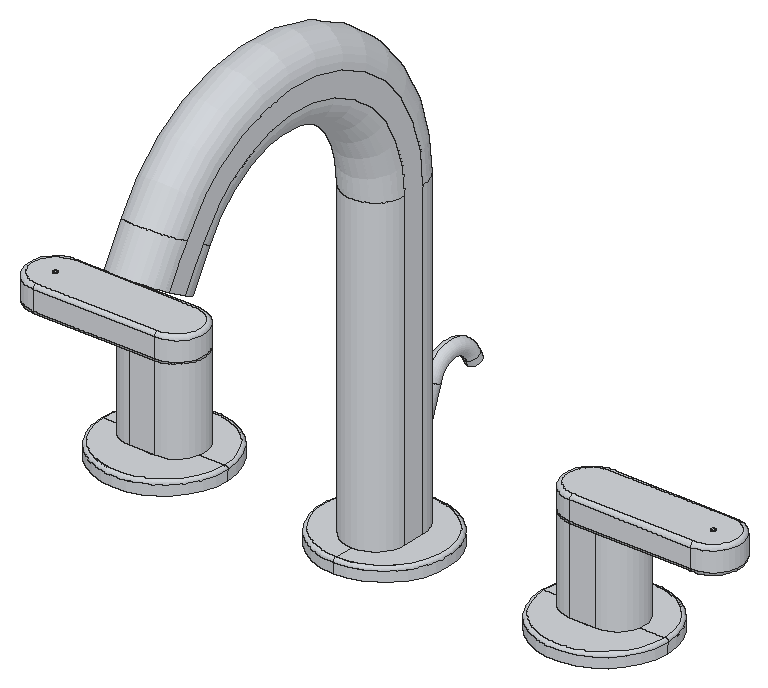
Revit family "Faucet-Lavatory-KOHLER-OBLO-K-4998X_1", category Plumbing Fixtures, host Face, Revit 2017
Family settings
  Host = Face
  Round Connector Dimension = Use Diameter
  Part Type = Normal
  OmniClass Number = 23.31.11.00
  OmniClass Title = Faucets
  Cut with Voids When Loaded = No
  Shared = No
  Room Calculation Point = No
Parameters (values of type "CP-Polished Chrome")
  Width [instance] = Faucet Hole Spacing  # 7 229/256"
  WaterSense Certified = 1 = 0  # no
  Waste Water Outlet = "Waste Water Outlet"  # constant formula
  Waste Connection = 1 = 0  # no
  Vent Connection = 1 = 0  # no
  URL = "https://www.kohler.co.th/"
  Type = 1
  Spout Reach = 5 37/128"  # constant formula
  Product Page URL = "https://www.kohler.co.th/productDetails/4998X-4?skuid=4998X-4-CP"
  Product Name = "OBLO"  # constant formula
  Product Documentation Link = "http://resources.kohler.com/plumbing/kohlerapac/pdf/x4_170326215005.pdf"
  Pressure = 45.00 psi  # constant formula
  Model = "K-4998X-4-CP"  # constant formula
  Material = "Brass Construction"  # constant formula
  Master Format 2014 Name = "Residential Faucets, Supplies, and Trim"  # constant formula
  Master Format 2014 = "22 41 39"  # constant formula
  Manufacturer Address = "16th Floor, Jasmine City Building 2, Soi Sukhumvit 23, Sukhumvit Road, Khlong Toei Nuea, Watthana, Bangkok 10110\r\n"  # constant formula
  Manufacturer = "KOHLER Co."  # constant formula
  Length = Spout Reach  # 5 37/128"
  Hot Water Inlet = "Hot Water Inlet"  # constant formula
  Height = 9 65/256"  # constant formula
  Handle Clearance = 2 113/256"  # constant formula
  HW Connection = 1 = 1  # yes
  Flow Rate = 2.2 GPM  # constant formula
  Finish = Kohler-Metal-CP-Polished_Chrome
  Faucet Hole Spacing [instance] = 7 229/256"
  Environmental Product Declaration = ""
  Drain Included = 1 = 1  # yes
  Description = "Center 8 Inch basin mixer tap"  # constant formula
  Default Elevation = 36"
  Declare Label = ""
  Date Modified = "04/06/2021"  # constant formula
  Date Created = "04/06/2021"  # constant formula
  Copyright = "Copyright KOHLER Co."  # constant formula
  Contact Us = "https://www.kohler.co.th/contact-us"
  Cold Water Inlet = "Cold Water Inlet"  # constant formula
  CW Connection = 1 = 1  # yes
  Assembly Code = "D2010"
  ADA Compliant = 1 = 0  # no
Reference planes (in)
  plane 1 "Center (Front/Back)": y = 0
  plane 2: z = 0
  plane 3 "Center (Left/Right)": x = 0
  plane 4: x = -3.94727
  plane 5: x = 3.94727
  plane 6: x = -2.80553
  plane 7: x = -6.38867
  plane 8: x = -5.089
  plane 9: x = 6.38867
  plane 10: x = 2.80553
  plane 11: x = 5.089
  plane 12: y = 1.14173
  plane 13: y = 2.14961
  plane 14: x = 1.14173
  plane 15: y = -1.14173
  plane 16: y = -5.28906
  plane 17: z = 2.27559
  plane 18: z = 2.59084
  plane 19: z = 9.25391
  plane 20: z = 6.49606
  plane 21: x = -1.14173
Dimensions and locks (in)
  equal spacing: plane 4, plane 3 "Center (Left/Right)", plane 5
  "Height": level to plane 19
  "Spout Reach": plane 1 "Center (Front/Back)" to plane 16
  locked: plane 4 to plane 6 at 1.14173
  "Handle Clearance": plane 4 to plane 7
  locked: plane 4 to plane 8 at 1.14173
  "Handle Clearance": plane 5 to plane 9
  locked: plane 11 to plane 5 at 1.14173
  locked: plane 10 to plane 5 at 1.14173
  "Width": plane 4 to plane 5
  level to plane 20 = 6.49606"
  aligned and locked: plane 2 to host face
  aligned and locked: level to host face
  aligned and locked: plane 4 to nested 2
  aligned and locked: plane 5 to nested 3
Automatic sketch dimensions
  host sketch curve to host sketch curve = 96"  (x2)
Nested families (in)
  nested 1: "K-4998X_Spout" at (0, 0, 0), type "K-4998X_Spout"
  nested 2: "K-4998X_Handle_Left" at (-3.94727, 0, 0), type "K-4998X_Handle"
  nested 3: "K-4998X_Handle_Right" at (3.94727, 0, 0) x (-1, 0, 0) z (0, 0, 1), type "K-4998X_Handle_Right"
Connectors (in)
  piping at (-3.94727, 0, 0), diameter 0.5, driven by "HW Connection", driven by "Hot Water Inlet", driven by "Flow Rate", driven by "Pressure"
    settings: on nested 2, index 1, connector inside diameter 24", connector length 0", flow factor 0, pipe flow 2.2 GPM, pressure drop 45.00 psi, fitting loss kfactor 0, connector angle 0.00°, fixture units 0, engagement length 0", angle of deflection 0.00°, flow configuration 1, flow direction 1, fitting loss method 4, system type 19, joint type 0, gender type 0, connector reference index -1, connector utility 1, adjustable connector no, is connector primary yes, connector description "Hot Water Inlet"
  piping at (3.94727, 0, 0), diameter 0.5, driven by "Flow Rate", driven by "Pressure", driven by "CW Connection", driven by "Cold Water Inlet"
    settings: on nested 3, index 2, connector inside diameter 24", connector length 0", flow factor 0, pipe flow 2.2 GPM, pressure drop 45.00 psi, fitting loss kfactor 0, connector angle 0.00°, fixture units 0, engagement length 0", angle of deflection 0.00°, flow configuration 1, flow direction 1, fitting loss method 4, system type 20, joint type 0, gender type 0, connector reference index -1, connector utility 1, adjustable connector no, is connector primary no, connector description "Cold Water Inlet"
Definition of nested family "K-4998X_Spout"
  Parameters (values of type "K-4998X_Spout")
    material = none
  Reference planes (in)
    plane 1 "Center (Front/Back)": y = 0
    plane 2: z = 0
    plane 3 "Center (Left/Right)": x = 0
    plane 4: y = 1.14173
    plane 5: x = 1.14173
    plane 6: x = -1.14173
    plane 7: y = -1.14173
    plane 8: y = -5.2874
    plane 9: z = 9.25197
    plane 10: z = 6.49606
    plane 11: z = 2.59084
    plane 12: y = 2.14961
    plane 13: y = -5.92736
  Forms (in)
    Revolve 1, solid, material <- "material", detail levels medium+fine
      sketch origin (0, 0, 0) x (0, 1, 0) y (0, 0, 1)
        loop
          line (0, 0) -> (0, 0.23622) -> (-1.08268, 0.23622)
          arc (-1.08268, 0.23622) -> (-1.12444, 0.21892) -> (-1.14173, 0.17717) r 0.05906
          line (-1.14173, 0.17717) -> (-1.14173, 0) -> (0, 0)
        axis (0, 0.23622) -> (0, 0)
      angle from 0 to 360
    Sweep 2, solid, material <- "material", detail levels medium+fine
      path origin (0, 0, 0) x (0, 1, 0) y (0, 0, 1)
        loop
          line (0, 0.23622) -> (0, 5.83911)
          arc (0, 5.83911) -> (-1.94925, 8.37942) -> (-4.9075, 7.15407) r 2.62992
          line (-4.9075, 7.15407) -> (-5.2874, 6.49606)
      profile origin (0, 0, 3.03767) x (0, -1, 0) y (1, 0, 0)
        loop
          arc (-0.20723, 0.5315) -> (-0.73872, 0) -> (-0.20723, -0.5315) r 0.5315
          line (-0.20723, -0.5315) -> (0.20723, -0.5315)
          arc (0.20723, -0.5315) -> (0.73872, 0) -> (0.20723, 0.5315) r 0.5315
          line (0.20723, 0.5315) -> (-0.20723, 0.5315)
    Sweep 3, solid, material <- "material", detail levels medium+fine
      path origin (0, 0, 0) x (0, 1, 0) y (0, 0, 1)
        loop
          line (1.99427, 2.08136) -> (1.93792, 2.19194)
          arc (1.93792, 2.19194) -> (1.47212, 2.45817) -> (1.04224, 2.13716) r 0.48926
          line (1.04224, 2.13716) -> (0.55943, 0.81067)
      profile origin (0, 1.47212, 2.45817) x (0, 0.061049, -0.998135) y (1, 0, 0)
        loop
          circle (0, 0) r 0.1378
    Revolve 4, solid, material <- "material", detail levels coarse
      sketch origin (0, 0, 0) x (0, 1, 0) y (0, 0, 1)
        loop
          line (0, 0.23622) -> (-1.14173, 0.23622) -> (-1.14173, 0) -> (0, 0) -> (0, 0.23622)
        axis (0, 0.23622) -> (0, 0)
      angle from 0 to 360
    Sweep 5, solid, material <- "material", detail levels coarse
      path origin (0, 0, 0) x (0, 1, 0) y (0, 0, 1)
        loop
          line (0, 0.23622) -> (0, 5.87193)
          arc (0, 5.87193) -> (-1.94273, 8.40375) -> (-4.89109, 7.1825) r 2.62113
          line (-4.89109, 7.1825) -> (-5.2874, 6.49606)
      profile origin (0, 0, 3.05408) x (0, -1, 0) y (1, 0, 0)
        loop
          arc (-0.73872, -0.14719) -> (-0.62341, -0.42558) -> (-0.34502, -0.5409) r 0.3937
          line (-0.34502, -0.5409) -> (0.35495, -0.5409)
          arc (0.35495, -0.5409) -> (0.63334, -0.42558) -> (0.74865, -0.14719) r 0.3937
          line (0.74865, -0.14719) -> (0.74865, 0.14719)
          arc (0.74865, 0.14719) -> (0.63334, 0.42558) -> (0.35495, 0.5409) r 0.3937
          line (0.35495, 0.5409) -> (-0.34502, 0.5409)
          arc (-0.34502, 0.5409) -> (-0.62341, 0.42558) -> (-0.73872, 0.14719) r 0.3937
          line (-0.73872, 0.14719) -> (-0.73872, -0.14719)
    Sweep 6, solid, material <- "material", detail levels coarse
      path origin (0, 0, 0) x (0, 1, 0) y (0, 0, 1)
        loop
          line (0.634, 0.61075) -> (1.17261, 2.09058)
          arc (1.17261, 2.09058) -> (1.48088, 2.32078) -> (1.8149, 2.12987) r 0.35084
          line (1.8149, 2.12987) -> (1.87149, 2.0188)
      profile origin (0, 1.48088, 2.32078) x (0, -0.061049, 0.998135) y (1, 0, 0)
        loop
          circle (0.15562, 0) r 0.15748
  Cuts and joins
    joined: Revolve 1, Sweep 2, Sweep 3
    joined: Revolve 4, Sweep 5
  Lines and regions (in)
    Masking region 1
      outline origin (0, 0, 0) x (0, 1, 0) y (0, 0, 1)
        loop
          line (0, 0) -> (1.14173, 0) -> (1.14173, 0.17717)
          arc (1.14173, 0.17717) -> (1.12444, 0.21892) -> (1.08268, 0.23622) r 0.05906
          line (1.08268, 0.23622) -> (0.73872, 0.23622) -> (0.73872, 0.89849) -> (1.17261, 2.09058)
          arc (1.17261, 2.09058) -> (1.48088, 2.32078) -> (1.8149, 2.12987) r 0.35084
          line (1.8149, 2.12987) -> (1.87149, 2.0188) -> (2.11704, 2.14392) -> (2.06582, 2.24445)
          arc (2.06582, 2.24445) -> (1.46416, 2.58832) -> (0.90889, 2.17369) r 0.63196
          line (0.90889, 2.17369) -> (0.73872, 1.70615) -> (0.73872, 5.92192)
          arc (0.73872, 5.92192) -> (-1.74161, 9.15435) -> (-5.50585, 7.59515) r 3.34646
          line (-5.50585, 7.59515) -> (-5.92716, 6.86543) -> (-4.64765, 6.1267) -> (-4.26591, 6.78789)
          arc (-4.26591, 6.78789) -> (-2.13971, 7.66859) -> (-0.73872, 5.84279) r 1.89021
          line (-0.73872, 5.84279) -> (-0.73872, 0.23622) -> (-1.08268, 0.23622)
          arc (-1.08268, 0.23622) -> (-1.12444, 0.21892) -> (-1.14173, 0.17717) r 0.05906
          line (-1.14173, 0.17717) -> (-1.14173, 0) -> (0, 0)
    Masking region 2
      outline origin (0, 0, 0) x (1, 0, 0) y (0, 0, 1)
        loop
          line (0, 0) -> (1.14173, 0) -> (1.14173, 0.17548)
          arc (1.14173, 0.17548) -> (1.12394, 0.21843) -> (1.08099, 0.23622) r 0.06074
          line (1.08099, 0.23622) -> (0.5315, 0.23622) -> (0.5315, 8.71924)
          arc (0.5315, 8.71924) -> (0, 9.25074) -> (-0.5315, 8.71924) r 0.5315
          line (-0.5315, 8.71924) -> (-0.5315, 0.23622) -> (-1.08099, 0.23622)
          arc (-1.08099, 0.23622) -> (-1.12394, 0.21843) -> (-1.14173, 0.17548) r 0.06074
          line (-1.14173, 0.17548) -> (-1.14173, 0) -> (0, 0)
    Masking region 3
      outline origin (0, 0, 0) x (1, 0, 0) y (0, 1, 0)
        loop
          line (0.5315, -5.46687) -> (0.5315, -1.01048)
          arc (0.5315, -1.01048) -> (1.12298, 0.20608) -> (0.13807, 1.13335) r 1.14173
          line (0.13807, 1.13335) -> (0.13807, 2.01165)
          arc (0.13807, 2.01165) -> (0, 2.14973) -> (-0.13807, 2.01165) r 0.13807
          line (-0.13807, 2.01165) -> (-0.13807, 1.13335)
          arc (-0.13807, 1.13335) -> (-1.12298, 0.20608) -> (-0.5315, -1.01048) r 1.14173
          line (-0.5315, -1.01048) -> (-0.5315, -5.46687)
          arc (-0.5315, -5.46687) -> (-0.52028, -5.56114) -> (-0.48727, -5.65016) r 0.40192
          arc (-0.48727, -5.65016) -> (-0.38681, -5.78354) -> (-0.24727, -5.87524) r 0.48791
          arc (-0.24727, -5.87524) -> (-0.12627, -5.9138) -> (0, -5.92734) r 0.63053
          arc (0, -5.92734) -> (0.12627, -5.9138) -> (0.24727, -5.87524) r 0.63053
          arc (0.24727, -5.87524) -> (0.38681, -5.78354) -> (0.48727, -5.65016) r 0.48791
          arc (0.48727, -5.65016) -> (0.52028, -5.56114) -> (0.5315, -5.46687) r 0.40192
    symbolic lines, detail levels medium+fine
      curve 1: line (0, -0.73872, 0.23622) -> (0, 0.73872, 0.23622)
      curve 2: arc (0, 0.73872, 1.70615) -> (0, 0.71211, 1.30232) -> (0, 0.73872, 0.89849) r 3.07675
      curve 3: line (0.5315, 0, 0.23622) -> (-0.5315, 0, 0.23622)
      curve 4: spline (0.5315, 0, 6.59968) -> (0.51339, 0, 6.66846) -> (0.46029, 0, 6.73255) -> (0.37582, 0, 6.78759) -> (0.26575, 0, 6.82982) -> (0.13756, 0, 6.85637) -> (0, 0, 6.86543) -> (-0.13756, 0, 6.85637) -> (-0.26575, 0, 6.82982) -> (-0.37582, 0, 6.78759) -> (-0.46029, 0, 6.73255) -> (-0.51339, 0, 6.66846) -> (-0.5315, 0, 6.59968)
      curve 5: spline (-0.5315, 0, 6.39245) -> (-0.51339, 0, 6.32367) -> (-0.46029, 0, 6.25957) -> (-0.37582, 0, 6.20454) -> (-0.26575, 0, 6.1623) -> (-0.13756, 0, 6.13576) -> (0, 0, 6.1267) -> (0.13756, 0, 6.13576) -> (0.26575, 0, 6.1623) -> (0.37582, 0, 6.20454) -> (0.46029, 0, 6.25957) -> (0.51339, 0, 6.32367) -> (0.5315, 0, 6.39245)
      curve 6: spline (-0.43975, 0, 6.40379) -> (-0.42476, 0, 6.34223) -> (-0.38083, 0, 6.28487) -> (-0.31095, 0, 6.23561) -> (-0.21987, 0, 6.19781) -> (-0.11381, 0, 6.17405) -> (0, 0, 6.16595) -> (0.11381, 0, 6.17405) -> (0.21987, 0, 6.19781) -> (0.31095, 0, 6.23561) -> (0.38083, 0, 6.28487) -> (0.42476, 0, 6.34223) -> (0.43975, 0, 6.40379) -> (0.42476, 0, 6.46535) -> (0.38083, 0, 6.52271) -> (0.31095, 0, 6.57197) -> (0.21987, 0, 6.60976) -> (0.11381, 0, 6.63353) -> (0, 0, 6.64163) -> (-0.11381, 0, 6.63353) -> (-0.21987, 0, 6.60976) -> (-0.31095, 0, 6.57197) -> (-0.38083, 0, 6.52271) -> (-0.42476, 0, 6.46535) -> (-0.43975, 0, 6.40379)
      curve 7: arc (-0.5315, 0.20723, 0) -> (0, 0.73872, 0) -> (0.5315, 0.20723, 0) r 0.5315
      curve 8: line (-0.5315, -1.01048, 0) -> (-0.5315, 0.20723, 0)
      curve 9: line (0.5315, -1.01048, 0) -> (0.5315, 0.20723, 0)
      curve 10: line (0.13807, 1.13335, 0) -> (0.13807, 0.72048, 0)
      curve 11: line (-0.13807, 1.13335, 0) -> (-0.13807, 0.72048, 0)
  Dimensions and locks (in)
    aligned and locked: plane 2 to level
Definition of nested family "K-4998X_Handle_Left"
  Parameters (values of type "K-4998X_Handle_Left")
    material = none
  Reference planes (in)
    plane 1 "Center (Front/Back)": y = 0
    plane 2: z = 0
    plane 3 "Center (Left/Right)": x = 0
    plane 4: x = -2.44094
    plane 5: z = 1.80315
    plane 6: y = 1.14173
    plane 7: x = 1.14173
    plane 8: x = -1.14173
    plane 9: y = -1.14173
    plane 10: z = 2.27559
    plane 11: y = 0.48839
    plane 12: y = -0.48839
  Forms (in)
    Sweep 1, solid, material <- "material", detail levels medium+fine
      path origin (0, 0, 0) x (1, 0, 0) y (0, 1, 0)
        loop
          line (0.22279, 0.48839) -> (-1.9454, 0.48839)
          arc (-1.9454, 0.48839) -> (-2.4338, 0) -> (-1.9454, -0.48839) r 0.48839
          line (-1.9454, -0.48839) -> (0.22279, -0.48839)
          arc (0.22279, -0.48839) -> (0.71119, 0) -> (0.22279, 0.48839) r 0.48839
      profile origin (-2.4338, 0, 0) x (1, 0, 0) y (0, 0, 1)
        loop
          arc (0.0614, 2.27559) -> (0.01293, 2.25551) -> (-0.00715, 2.20704) r 0.06855
          line (-0.00715, 2.20704) -> (-0.00715, 1.85827)
          arc (-0.00715, 1.85827) -> (0.009, 1.81929) -> (0.04797, 1.80315) r 0.05512
          line (0.04797, 1.80315) -> (0.17452, 1.80315) -> (0.17452, 2.27559) -> (0.0614, 2.27559)
    Revolve 2, solid, material <- "material", detail levels medium+fine
      sketch origin (0, 0, 0) x (1, 0, 0) y (0, 0, 1)
        loop
          line (0.3937, 0.23622) -> (0.3937, 0.30889) -> (0, 0.30889) -> (0, 0) -> (1.14173, 0) -> (1.14173, 0.17854)
          arc (1.14173, 0.17854) -> (1.12484, 0.21933) -> (1.08406, 0.23622) r 0.05768
          line (1.08406, 0.23622) -> (0.3937, 0.23622)
        axis (0, 0.30889) -> (0, 0)
      angle from 0 to 360
    Extrusion 3, solid, material <- "material", detail levels medium+fine
      sketch origin (0, 0, 0) x (1, 0, 0) y (0, 1, 0)
        loop
          arc (-1.9454, 0.31387) -> (-2.25927, 0) -> (-1.9454, -0.31387) r 0.31387
          line (-1.9454, -0.31387) -> (0.22279, -0.31387)
          arc (0.22279, -0.31387) -> (0.53666, 0) -> (0.22279, 0.31387) r 0.31387
          line (0.22279, 0.31387) -> (-1.9454, 0.31387)
      from 1.80495 to 2.27559
    Extrusion 4, solid, material <- "material", detail levels medium+fine
      sketch origin (0, 0, 0) x (1, 0, 0) y (0, 1, 0)
        loop
          line (0.23012, 0.48839) -> (-0.23012, 0.48839)
          arc (-0.23012, 0.48839) -> (-0.71851, 0) -> (-0.23012, -0.48839) r 0.48839
          line (-0.23012, -0.48839) -> (0.23012, -0.48839)
          arc (0.23012, -0.48839) -> (0.71851, 0) -> (0.23012, 0.48839) r 0.48839
      from 0.30889 to 1.85827
    Revolve 5, void
      sketch origin (-0.02461, 0, -0.03691) x (1, 0, 0) y (0, 0, 1)
        loop
          line (-0.78467, 1.6106) -> (-0.74429, 1.52399) -> (-0.50276, 1.63662) -> (-0.54315, 1.72323) -> (-0.78467, 1.6106)
        axis (-0.78467, 1.6106) -> (-0.54315, 1.72323)
      angle from 0 to 360
    Extrusion 6, solid, material <- "material", detail levels coarse
      sketch origin (0, 0, 0) x (1, 0, 0) y (0, 1, 0)
        loop
          circle (0, 0) r 1.14173
      from 0 to 0.30889
    Extrusion 7, solid, material <- "material", detail levels coarse
      sketch origin (0, 0, 0) x (1, 0, 0) y (0, 1, 0)
        loop
          line (-0.71841, 0.48839) -> (-0.71841, -0.48839) -> (0.71345, -0.48839) -> (0.71345, 0.48839) -> (-0.71841, 0.48839)
      from 0.30889 to 2.30949
    Extrusion 8, solid, material <- "material", detail levels coarse
      sketch origin (0, 0, 0) x (1, 0, 0) y (0, 1, 0)
        loop
          line (0.71345, 0.48839) -> (-2.44094, 0.48839) -> (-2.44094, -0.48839) -> (0.71345, -0.48839) -> (0.71345, 0.48839)
      from 1.77903 to 2.30949
    Extrusion 9, solid, material <- "material", detail levels medium+fine
      sketch origin (0, 0, 0) x (1, 0, 0) y (0, 1, 0)
        loop
          circle (0, 0) r 0.09843
      from 0 to 0.06974
    Extrusion 10, void
      sketch origin (0, 0, 0) x (1, 0, 0) y (0, 1, 0)
        loop
          circle (-1.95026, 0) r 0.03937
      from 2.23868 to 2.29743
    Extrusion 11, solid, detail levels medium+fine
      sketch origin (0, 0, 0) x (1, 0, 0) y (0, 1, 0)
        loop
          circle (-1.95026, 0) r 0.03937
      from 2.23868 to 2.27559
  Cuts and joins
    Revolve 5 cuts Extrusion 4
    joined: Revolve 2, Extrusion 4
    joined: Extrusion 6, Extrusion 7, Extrusion 8
    Extrusion 10 cuts Sweep 1
    Extrusion 10 cuts Extrusion 3
    joined: Sweep 1, Extrusion 3
  Lines and regions (in)
    Masking region 1
      outline origin (0, 0, 0) x (1, 0, 0) y (0, 0, 1)
        loop
          line (0, 0) -> (1.14173, 0) -> (1.14173, 0.17717)
          arc (1.14173, 0.17717) -> (1.12444, 0.21892) -> (1.08268, 0.23622) r 0.05906
          line (1.08268, 0.23622) -> (0.3937, 0.23622) -> (0.3937, 0.30889) -> (0.69883, 0.30889)
          arc (0.69883, 0.30889) -> (0.71275, 0.31465) -> (0.71851, 0.32857) r 0.01969
          line (0.71851, 0.32857) -> (0.71851, 2.22047)
          arc (0.71851, 2.22047) -> (0.70237, 2.25945) -> (0.6634, 2.27559) r 0.05512
          line (0.6634, 2.27559) -> (-2.38583, 2.27559)
          arc (-2.38583, 2.27559) -> (-2.4248, 2.25945) -> (-2.44094, 2.22047) r 0.05512
          line (-2.44094, 2.22047) -> (-2.44094, 1.85827)
          arc (-2.44094, 1.85827) -> (-2.4248, 1.81929) -> (-2.38583, 1.80315) r 0.05512
          line (-2.38583, 1.80315) -> (-0.91536, 1.80315)
          arc (-0.91536, 1.80315) -> (-0.77617, 1.74549) -> (-0.71851, 1.6063) r 0.19685
          line (-0.71851, 1.6063) -> (-0.71851, 0.32857)
          arc (-0.71851, 0.32857) -> (-0.71275, 0.31465) -> (-0.69883, 0.30889) r 0.01969
          line (-0.69883, 0.30889) -> (-0.3937, 0.30889) -> (-0.3937, 0.23622) -> (-1.08268, 0.23622)
          arc (-1.08268, 0.23622) -> (-1.12444, 0.21892) -> (-1.14173, 0.17717) r 0.05906
          line (-1.14173, 0.17717) -> (-1.14173, 0) -> (0, 0)
    Masking region 2
      outline origin (0, 0, 0) x (0, 1, 0) y (0, 0, 1)
        loop
          line (0, 0) -> (1.14173, 0) -> (1.14173, 0.17717)
          arc (1.14173, 0.17717) -> (1.12444, 0.21892) -> (1.08268, 0.23622) r 0.05906
          line (1.08268, 0.23622) -> (0.3937, 0.23622) -> (0.3937, 0.30889) -> (0.46871, 0.30889)
          arc (0.46871, 0.30889) -> (0.48263, 0.31465) -> (0.48839, 0.32857) r 0.01969
          line (0.48839, 0.32857) -> (0.48839, 2.21654)
          arc (0.48839, 2.21654) -> (0.4711, 2.25829) -> (0.42934, 2.27559) r 0.05906
          line (0.42934, 2.27559) -> (0, 2.27559) -> (-0.42934, 2.27559)
          arc (-0.42934, 2.27559) -> (-0.4711, 2.25829) -> (-0.48839, 2.21654) r 0.05906
          line (-0.48839, 2.21654) -> (-0.48839, 0.32857)
          arc (-0.48839, 0.32857) -> (-0.48263, 0.31465) -> (-0.46871, 0.30889) r 0.01969
          line (-0.46871, 0.30889) -> (-0.3937, 0.30889) -> (-0.3937, 0.23622) -> (-1.08268, 0.23622)
          arc (-1.08268, 0.23622) -> (-1.12444, 0.21892) -> (-1.14173, 0.17717) r 0.05906
          line (-1.14173, 0.17717) -> (-1.14173, 0) -> (0, 0)
    Masking region 3
      outline origin (0, 0, 0) x (1, 0, 0) y (0, 1, 0)
        loop
          line (-1.032, 0.48839) -> (-1.95026, 0.48839)
          arc (-1.95026, 0.48839) -> (-2.43865, 0) -> (-1.95026, -0.48839) r 0.48839
          line (-1.95026, -0.48839) -> (-1.032, -0.48839)
          arc (-1.032, -0.48839) -> (0.25028, -1.11396) -> (1.14173, 0) r 1.14173
          arc (1.14173, 0) -> (0.25028, 1.11396) -> (-1.032, 0.48839) r 1.14173
    symbolic lines, detail levels medium+fine
      curve 1: line (0.3937, 0, 0.23622) -> (-0.3937, 0, 0.23622)
      curve 2: line (0.3937, 0, 0.30889) -> (-0.3937, 0, 0.30889)
      curve 3: line (0, 0, 1.80315) -> (0, -0.43751, 1.80315)
      curve 4: arc (0, -0.43751, 1.80315) -> (0, -0.47502, 1.81957) -> (0, -0.48839, 1.85827) r 0.05104
      curve 5: line (0, 0, 1.80315) -> (0, 0.43751, 1.80315)
      curve 6: arc (0, 0.43751, 1.80315) -> (0, 0.47502, 1.81957) -> (0, 0.48839, 1.85827) r 0.05104
      curve 7: line (0, 0, 1.72146) -> (0, 0, 1.51058)
      curve 8: line (0, 0, 1.51058) -> (0, 0, 1.72146)
      curve 9: spline (0, -0.08747, 1.65145) -> (0, -0.08337, 1.64398) -> (0, -0.07849, 1.63691) -> (0, -0.07288, 1.63029) -> (0, -0.06659, 1.6242) -> (0, -0.05969, 1.61868) -> (0, -0.05223, 1.61379) -> (0, -0.04429, 1.60957) -> (0, -0.03593, 1.60607) -> (0, -0.02724, 1.6033) -> (0, -0.0183, 1.60131) -> (0, -0.0092, 1.60011) -> (0, 0, 1.59971)
      curve 10: spline (0, 0.08747, 1.65145) -> (0, 0.08337, 1.64398) -> (0, 0.07849, 1.63691) -> (0, 0.07288, 1.63029) -> (0, 0.06659, 1.6242) -> (0, 0.05969, 1.61868) -> (0, 0.05223, 1.61379) -> (0, 0.04429, 1.60957) -> (0, 0.03593, 1.60607) -> (0, 0.02724, 1.6033) -> (0, 0.0183, 1.60131) -> (0, 0.0092, 1.60011) -> (0, 0, 1.59971)
      curve 11: line (0, -0.3937, 0.30889) -> (0, 0.3937, 0.30889)
      curve 12: line (0, -0.3937, 0.23622) -> (0, 0.3937, 0.23622)
      curve 13: line (-1.032, 0.48839, 0) -> (0.22816, 0.48839, 0)
      curve 14: line (-1.032, -0.48839, 0) -> (0.22816, -0.48839, 0)
      curve 15: arc (0.22816, -0.48839, 0) -> (0.71656, 0, 0) -> (0.22816, 0.48839, 0) r 0.48839
  Dimensions and locks (in)
    aligned and locked: plane 2 to level
Definition of nested family "K-4998X_Handle_Right"
  Parameters (values of type "K-4998X_Handle_Right")
    material = none
    Default Elevation = 48"
  Reference planes (in)
    plane 1 "Center (Front/Back)": y = 0
    plane 2: z = 0
    plane 3 "Center (Left/Right)": x = 0
    plane 4: x = -2.44094
    plane 5: z = 1.80315
    plane 6: y = 1.14173
    plane 7: x = 1.14173
    plane 8: x = -1.14173
    plane 9: y = -1.14173
    plane 10: z = 2.27559
    plane 11: y = 0.48839
    plane 12: y = -0.48839
  Forms (in)
    Sweep 1, solid, material <- "material", detail levels medium+fine
      path origin (0, 0, 0) x (1, 0, 0) y (0, 1, 0)
        loop
          line (0.22279, 0.48839) -> (-1.9454, 0.48839)
          arc (-1.9454, 0.48839) -> (-2.4338, 0) -> (-1.9454, -0.48839) r 0.48839
          line (-1.9454, -0.48839) -> (0.22279, -0.48839)
          arc (0.22279, -0.48839) -> (0.71119, 0) -> (0.22279, 0.48839) r 0.48839
      profile origin (-2.4338, 0, 0) x (1, 0, 0) y (0, 0, 1)
        loop
          arc (0.0614, 2.27559) -> (0.01293, 2.25551) -> (-0.00715, 2.20704) r 0.06855
          line (-0.00715, 2.20704) -> (-0.00715, 1.85827)
          arc (-0.00715, 1.85827) -> (0.009, 1.81929) -> (0.04797, 1.80315) r 0.05512
          line (0.04797, 1.80315) -> (0.17452, 1.80315) -> (0.17452, 2.27559) -> (0.0614, 2.27559)
    Revolve 2, solid, material <- "material", detail levels medium+fine
      sketch origin (0, 0, 0) x (1, 0, 0) y (0, 0, 1)
        loop
          line (0.3937, 0.23622) -> (0.3937, 0.30889) -> (0, 0.30889) -> (0, 0) -> (1.14173, 0) -> (1.14173, 0.17854)
          arc (1.14173, 0.17854) -> (1.12484, 0.21933) -> (1.08406, 0.23622) r 0.05768
          line (1.08406, 0.23622) -> (0.3937, 0.23622)
        axis (0, 0.30889) -> (0, 0)
      angle from 0 to 360
    Extrusion 3, solid, material <- "material", detail levels medium+fine
      sketch origin (0, 0, 0) x (1, 0, 0) y (0, 1, 0)
        loop
          arc (-1.9454, 0.31387) -> (-2.25927, 0) -> (-1.9454, -0.31387) r 0.31387
          line (-1.9454, -0.31387) -> (0.22279, -0.31387)
          arc (0.22279, -0.31387) -> (0.53666, 0) -> (0.22279, 0.31387) r 0.31387
          line (0.22279, 0.31387) -> (-1.9454, 0.31387)
      from 1.80495 to 2.27559
    Extrusion 4, solid, material <- "material", detail levels medium+fine
      sketch origin (0, 0, 0) x (1, 0, 0) y (0, 1, 0)
        loop
          line (0.23012, 0.48839) -> (-0.23012, 0.48839)
          arc (-0.23012, 0.48839) -> (-0.71851, 0) -> (-0.23012, -0.48839) r 0.48839
          line (-0.23012, -0.48839) -> (0.23012, -0.48839)
          arc (0.23012, -0.48839) -> (0.71851, 0) -> (0.23012, 0.48839) r 0.48839
      from 0.30889 to 1.85827
    Revolve 5, void
      sketch origin (-0.02461, 0, -0.03691) x (1, 0, 0) y (0, 0, 1)
        loop
          line (-0.78467, 1.6106) -> (-0.74429, 1.52399) -> (-0.50276, 1.63662) -> (-0.54315, 1.72323) -> (-0.78467, 1.6106)
        axis (-0.78467, 1.6106) -> (-0.54315, 1.72323)
      angle from 0 to 360
    Extrusion 6, solid, material <- "material", detail levels coarse
      sketch origin (0, 0, 0) x (1, 0, 0) y (0, 1, 0)
        loop
          circle (0, 0) r 1.14173
      from 0 to 0.30889
    Extrusion 7, solid, material <- "material", detail levels coarse
      sketch origin (0, 0, 0) x (1, 0, 0) y (0, 1, 0)
        loop
          line (-0.71841, 0.48839) -> (-0.71841, -0.48839) -> (0.71345, -0.48839) -> (0.71345, 0.48839) -> (-0.71841, 0.48839)
      from 0.30889 to 2.30949
    Extrusion 8, solid, material <- "material", detail levels coarse
      sketch origin (0, 0, 0) x (1, 0, 0) y (0, 1, 0)
        loop
          line (0.71345, 0.48839) -> (-2.44094, 0.48839) -> (-2.44094, -0.48839) -> (0.71345, -0.48839) -> (0.71345, 0.48839)
      from 1.77903 to 2.30949
    Extrusion 9, solid, material <- "material", detail levels medium+fine
      sketch origin (0, 0, 0) x (1, 0, 0) y (0, 1, 0)
        loop
          circle (0, 0) r 0.09843
      from 0 to 0.06974
    Extrusion 10, void
      sketch origin (0, 0, 0) x (1, 0, 0) y (0, 1, 0)
        loop
          circle (-1.95026, 0) r 0.03937
      from 2.23868 to 2.29743
    Extrusion 11, solid, detail levels medium+fine
      sketch origin (0, 0, 0) x (1, 0, 0) y (0, 1, 0)
        loop
          circle (-1.95026, 0) r 0.03937
      from 2.23868 to 2.27559
  Cuts and joins
    Revolve 5 cuts Extrusion 4
    joined: Revolve 2, Extrusion 4
    joined: Extrusion 6, Extrusion 7, Extrusion 8
    Extrusion 10 cuts Sweep 1
    Extrusion 10 cuts Extrusion 3
    joined: Sweep 1, Extrusion 3
  Lines and regions (in)
    Masking region 1
      outline origin (0, 0, 0) x (1, 0, 0) y (0, 0, 1)
        loop
          line (0, 0) -> (1.14173, 0) -> (1.14173, 0.17717)
          arc (1.14173, 0.17717) -> (1.12444, 0.21892) -> (1.08268, 0.23622) r 0.05906
          line (1.08268, 0.23622) -> (0.3937, 0.23622) -> (0.3937, 0.30889) -> (0.69883, 0.30889)
          arc (0.69883, 0.30889) -> (0.71275, 0.31465) -> (0.71851, 0.32857) r 0.01969
          line (0.71851, 0.32857) -> (0.71851, 2.22047)
          arc (0.71851, 2.22047) -> (0.70237, 2.25945) -> (0.6634, 2.27559) r 0.05512
          line (0.6634, 2.27559) -> (-2.38583, 2.27559)
          arc (-2.38583, 2.27559) -> (-2.4248, 2.25945) -> (-2.44094, 2.22047) r 0.05512
          line (-2.44094, 2.22047) -> (-2.44094, 1.85827)
          arc (-2.44094, 1.85827) -> (-2.4248, 1.81929) -> (-2.38583, 1.80315) r 0.05512
          line (-2.38583, 1.80315) -> (-0.91536, 1.80315)
          arc (-0.91536, 1.80315) -> (-0.77617, 1.74549) -> (-0.71851, 1.6063) r 0.19685
          line (-0.71851, 1.6063) -> (-0.71851, 0.32857)
          arc (-0.71851, 0.32857) -> (-0.71275, 0.31465) -> (-0.69883, 0.30889) r 0.01969
          line (-0.69883, 0.30889) -> (-0.3937, 0.30889) -> (-0.3937, 0.23622) -> (-1.08268, 0.23622)
          arc (-1.08268, 0.23622) -> (-1.12444, 0.21892) -> (-1.14173, 0.17717) r 0.05906
          line (-1.14173, 0.17717) -> (-1.14173, 0) -> (0, 0)
    Masking region 2
      outline origin (0, 0, 0) x (0, 1, 0) y (0, 0, 1)
        loop
          line (0, 0) -> (1.14173, 0) -> (1.14173, 0.17717)
          arc (1.14173, 0.17717) -> (1.12444, 0.21892) -> (1.08268, 0.23622) r 0.05906
          line (1.08268, 0.23622) -> (0.3937, 0.23622) -> (0.3937, 0.30889) -> (0.46871, 0.30889)
          arc (0.46871, 0.30889) -> (0.48263, 0.31465) -> (0.48839, 0.32857) r 0.01969
          line (0.48839, 0.32857) -> (0.48839, 2.21654)
          arc (0.48839, 2.21654) -> (0.4711, 2.25829) -> (0.42934, 2.27559) r 0.05906
          line (0.42934, 2.27559) -> (0, 2.27559) -> (-0.42934, 2.27559)
          arc (-0.42934, 2.27559) -> (-0.4711, 2.25829) -> (-0.48839, 2.21654) r 0.05906
          line (-0.48839, 2.21654) -> (-0.48839, 0.32857)
          arc (-0.48839, 0.32857) -> (-0.48263, 0.31465) -> (-0.46871, 0.30889) r 0.01969
          line (-0.46871, 0.30889) -> (-0.3937, 0.30889) -> (-0.3937, 0.23622) -> (-1.08268, 0.23622)
          arc (-1.08268, 0.23622) -> (-1.12444, 0.21892) -> (-1.14173, 0.17717) r 0.05906
          line (-1.14173, 0.17717) -> (-1.14173, 0) -> (0, 0)
    Masking region 3
      outline origin (0, 0, 0) x (1, 0, 0) y (0, 1, 0)
        loop
          line (-1.032, 0.48839) -> (-1.95026, 0.48839)
          arc (-1.95026, 0.48839) -> (-2.43865, 0) -> (-1.95026, -0.48839) r 0.48839
          line (-1.95026, -0.48839) -> (-1.032, -0.48839)
          arc (-1.032, -0.48839) -> (0.25028, -1.11396) -> (1.14173, 0) r 1.14173
          arc (1.14173, 0) -> (0.25028, 1.11396) -> (-1.032, 0.48839) r 1.14173
    symbolic lines, detail levels medium+fine
      curve 1: line (0.3937, 0, 0.23622) -> (-0.3937, 0, 0.23622)
      curve 2: line (0.3937, 0, 0.30889) -> (-0.3937, 0, 0.30889)
      curve 3: line (0, 0, 1.80315) -> (0, -0.43751, 1.80315)
      curve 4: arc (0, -0.43751, 1.80315) -> (0, -0.47502, 1.81957) -> (0, -0.48839, 1.85827) r 0.05104
      curve 5: line (0, 0, 1.80315) -> (0, 0.43751, 1.80315)
      curve 6: arc (0, 0.43751, 1.80315) -> (0, 0.47502, 1.81957) -> (0, 0.48839, 1.85827) r 0.05104
      curve 7: line (0, 0, 1.72146) -> (0, 0, 1.51058)
      curve 8: line (0, 0, 1.51058) -> (0, 0, 1.72146)
      curve 9: spline (0, -0.08747, 1.65145) -> (0, -0.08337, 1.64398) -> (0, -0.07849, 1.63691) -> (0, -0.07288, 1.63029) -> (0, -0.06659, 1.6242) -> (0, -0.05969, 1.61868) -> (0, -0.05223, 1.61379) -> (0, -0.04429, 1.60957) -> (0, -0.03593, 1.60607) -> (0, -0.02724, 1.6033) -> (0, -0.0183, 1.60131) -> (0, -0.0092, 1.60011) -> (0, 0, 1.59971)
      curve 10: spline (0, 0.08747, 1.65145) -> (0, 0.08337, 1.64398) -> (0, 0.07849, 1.63691) -> (0, 0.07288, 1.63029) -> (0, 0.06659, 1.6242) -> (0, 0.05969, 1.61868) -> (0, 0.05223, 1.61379) -> (0, 0.04429, 1.60957) -> (0, 0.03593, 1.60607) -> (0, 0.02724, 1.6033) -> (0, 0.0183, 1.60131) -> (0, 0.0092, 1.60011) -> (0, 0, 1.59971)
      curve 11: line (0, -0.3937, 0.30889) -> (0, 0.3937, 0.30889)
      curve 12: line (0, -0.3937, 0.23622) -> (0, 0.3937, 0.23622)
      curve 13: line (-1.032, 0.48839, 0) -> (0.22816, 0.48839, 0)
      curve 14: line (-1.032, -0.48839, 0) -> (0.22816, -0.48839, 0)
      curve 15: arc (0.22816, -0.48839, 0) -> (0.71656, 0, 0) -> (0.22816, 0.48839, 0) r 0.48839
  Dimensions and locks (in)
    aligned and locked: plane 2 to level
